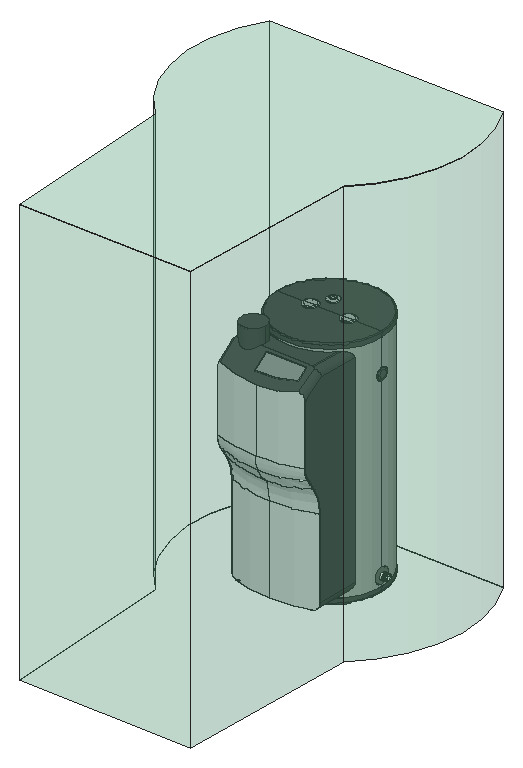
Revit family "Innovo FR_IR 32 285 FR LP", category Mechanical Equipment, Revit 2015
Parameters (values of type "IR-32-285 FR LP")
  largeur d'emballage = 786 mm  # constant formula
  l'Intervalle d'Entretien = "12 mois"  # constant formula
  Workspace Radius = Diameter + 170 mm  # 730 mm
  Workspace Height = Hauteur + 1000 mm  # 2270 mm
  Workspace Front Distance = 1000 mm
  Workspace [instance] = yes
  Valve Height 02 = if(and(Hauteur = 1745 mm, Diameter = 675 mm), 1518 mm, if(and(Hauteur = 1745 mm, Diameter = 610 mm), 1534 mm, if(Hauteur = 1545 mm, 1328 mm, 1070 mm)))  # 1070 mm
  Valve Height 01 = if(and(Diameter > 560 mm), 693 mm, 604 mm)  # 604 mm
  Valeur Maximale du Thermostat de Régulation = 85 °C  # constant formula
  Valeur Manimale du Thermostat de Régulation = 40 °C  # constant formula
  Valeur Défaut du Thermostat de Régulation = 65 °C  # constant formula
  URL = "www.aosmith.fr"
  Type d'Installation = "B23/C13/C33/C43/C53/C63"  # constant formula
  Type d'emballage = "Carton et bois"  # constant formula
  Tension d'Alimentation (-15%, +10%) = 230 V  # constant formula
  Température Maximale des Fumées = 61 °C
  Temps de réchauffement à ΔT = 70°C = "27"
  Temps de réchauffement à ΔT = 55°C = "21"
  Temps de réchauffement à ΔT = 50°C = "19"
  Temps de réchauffement à ΔT = 44°C = "17"
  Temps de réchauffement à ΔT = 28°C = "11"
  Spécifications du Produit = ""
  Réglages du thermostat du chauffe-eau = 65 °C  # constant formula
  Réglage Standard Pour = "G20/G25"
  Rendement Saisonnier (Hs) = [Rendement (Hs, acc. NEN-EN 89 - 1999)]  # 95
  Rendement (Hs, acc. NEN-EN 89 - 1999) = 95
  Rendement (Hi, acc. NEN-EN 89 - 1999) = 106
  Raccord Évacuation de la Condensation = 40 mm  # constant formula
  Raccord de la Soupape de Vidange = 3/4"
  Raccord de Sortie d'Eau Chaude = 3/4"
  Raccord de Gaz = 15"  # constant formula
  Raccord d'Alimentation en Eau Froide = 3/4"  # constant formula
  Raccord Robinet de Vidange = 3/4"  # constant formula
  Puissance Électrique Absorbée (sommet) = 85 W
  Puissance Électrique Absorbée (nominal) = 36 W
  Profondeur d'emballage = 946 mm  # constant formula
  Profondeur = 780 mm  # constant formula
  Profils de soutirage déclaré = "XL"
  Production Nominale = "19100.0/18600.0"
  Pression de Fonctionnement Maximale = 800000.0 Pa  # constant formula
  Pression Différentielle d'Ouverture de l'Interrupteur de Pression < = 115.0 Pa
  Pression Amont de Gaz = "2000/2500 Pa"
  Precaustions during assembling, installation or maintenance = "voir Manuel d'installation, d'emploi er d'entretien"  # constant formula
  Poids à vide = 95 kg
  Poids de Transport = 114 kg
  Phase = 1
  Pertes en Veille - tous les jours (24h) = 0 W
  Pertes en Veille = 0 W
  Nombre de modèle du produit (EAN) = "8717449286033"
  Niveau du Son dB (A) = "<45"  # constant formula
  Niveau de puissance acoustique à l'intérieur = "52 dB"
  NOx-émissions mg/kWh = "30.0/29.0"
  NOx-émissions (ven air, 0% O2) ppm = "19.0/18.0"
  Modèdele = "IR-20-160"
  Model = "IR-20-160 FR NAT"
  Marque commerciale = "A.O. Smith"  # constant formula
  Manufacturer = "A.O. Smith Water Products Company b.v."  # constant formula
  Largeur = Diameter  # 560 mm
  La commande intelligente = no
  L'efficacité énergétique pour le chauffage de l'eau (2) = "-"
  L'efficacité énergétique pour le chauffage de l'eau (1) = "92%"
  Hauteur du Raccordement au Gaz = 860 mm
  Hauteur de la Sortie d'eau Chaude = 1270 mm
  Hauteur de l'Alimentation en eau Froide = 170 mm
  Hauteur d'emballage = 1465 mm
  Hauteur Conduit d'Évacuation des Fumées = 1295 mm
  Hauteur Conduit d'Alimentation en Air = 1295 mm
  Hauteur = 1270 mm
  Guide de Produit = ""
  Garantie sur la Cuve = "36 mois"  # constant formula
  Garantie Pièces = "12 mois"  # constant formula
  Fréquence secteur = 50 Hz  # constant formula
  Forctionner qu'en heures creuses = no
  Fabricant No. = "E 7110"  # constant formula
  Epaisseur d'Isolation = 50 mm
  Débit de vidage à ΔT = 70°C après 90 min. = 410.0 L
  Débit de vidage à ΔT = 70°C après 60 min. = 290.0 L
  Débit de vidage à ΔT = 70°C après 30 min. = 170.0 L
  Débit de vidage à ΔT = 70°C après 120 min. = 520.0 L
  Débit de vidage à ΔT = 55°C après 90 min. = 540.0 L
  Débit de vidage à ΔT = 55°C après 60 min. = 390.0 L
  Débit de vidage à ΔT = 55°C après 30 min. = 240.0 L
  Débit de vidage à ΔT = 55°C après 120 min. = 700.0 L
  Débit de vidage à ΔT = 50°C après 90 min. = 600.0 L
  Débit de vidage à ΔT = 50°C après 60 min. = 440.0 L
  Débit de vidage à ΔT = 50°C après 30 min. = 270.0 L
  Débit de vidage à ΔT = 50°C après 120 min. = 770.0 L
  Débit de vidage à ΔT = 44°C après 90 min. = 690.0 L
  Débit de vidage à ΔT = 44°C après 60 min. = 510.0 L
  Débit de vidage à ΔT = 44°C après 30 min. = 320.0 L
  Débit de vidage à ΔT = 44°C après 120 min. = 880.0 L
  Débit de vidage à ΔT = 28°C après 90 min. = 1200.0 L
  Débit de vidage à ΔT = 28°C après 60 min. = 820.0 L
  Débit de vidage à ΔT = 28°C après 30 min. = 530.0 L
  Débit de vidage à ΔT = 28°C après 120 min. = 1500.0 L
  Débit de vidage en Continu à ΔT = 70°C = 240.0 L/s
  Débit de vidage en Continu à ΔT = 55°C = 300.0 L/s
  Débit de vidage en Continu à ΔT = 50°C = 330.0 L/s
  Débit de vidage en Continu à ΔT = 44°C = 380.0 L/s
  Débit de vidage en Continu à ΔT = 28°C = 590.0 L/s
  Diamètre Cheminée - Système Parallèle = "2x80"  # constant formula
  Diamètre Cheminée - Système Concentrique = "80/125 mm/mm"  # constant formula
  Diamètre Cheminée - Boiler = "80/125 mm/mm"  # constant formula
  Diameter = 560 mm
  Destination / Country = "France"  # constant formula
  Description = "Préparateur ECS Solaire en Combinaison avec Réservoir de Stockage"  # constant formula
  D'autres profils de soutirage = "-"
  Created By = "http://www.cadcompany.nl/"
  Consommation de Gaz - Volume ltr/hr = "1.90/2.20"
  Consommation de Gaz - Masse kg/h = "a/p"
  Class d'efficacité énergétique (2) = "-"
  Class d'efficacité énergétique (1) = "A"  # constant formula
  Charge Nominale (Valeur Supérieure) = "20000.0/19400.0"
  Charge Nominale (Valeur Inférieure) = "18000.0/17500.0"
  Charge Maximale au Sol = 274 kg
  Catégorie de Gaz = "II2Esi3P"  # constant formula
  Capacité = 160.0 L
  CO2 Émissions (tol. +/- 1.0) vol% = "9.3/9.3"
  CE-PIN = "0063CQ3037"  # constant formula
  BIM Content Developer = "CAD & Company"  # constant formula
  Assembly Code = "D3010"
  Annual fuel consumption (2) = "-"
  Annual fuel consumption (1) = "16 GJ GCV"
  Annual electricity consumption (2) = "-"
  Annual electricity consumption (1) = "37 kWh"
  2ème Entretien (Entretien Général) = "12 mois après l'installation"  # constant formula
  1er Entretien (check-up) = "3 mois après l'installation"  # constant formula
Reference planes
  plane 1 "Center (Front/Back)": y = 0
  plane 2: z = 0
  plane 3 "Center (Left/Right)": x = 0
  plane 4 "Pipe": through (-383.901, 912.349, 194.799) normal (-0.0879, -0.0879, 0.9923)
  plane 5 "footing": y = 118.925
  plane 6 "footing front": y = -237.85
  plane 7: x = -280
  plane 8: x = 280
  plane 9: z = 1270
Forms (mm)
  Revolve 1, solid, material "RAL 9005", detail levels medium+fine
    sketch origin (0, -237.85, 0) x (-1, 0, 0) y (0, 0, 1)
      loop
        line (0, 28.9) -> (-15, 28.9) -> (-15, 26.4) -> (-8.671, 26.4) -> (-8.671, 18) -> (-5.686, 18) -> (-6.626, 17.06) -> (-6.626, 12.06) -> (-8.671, 12.06) -> (-8.671, 10) -> (-10.031, 10) -> (-23.271, 5.181)
        arc (-23.271, 5.181) -> (-23.763, 4.836) -> (-24.017, 4.293) r 1.159
        line (-24.017, 4.293) -> (-24.017, 1.03)
        arc (-24.017, 1.03) -> (-23.715, 0.302) -> (-22.986, 0) r 1.03
        line (-22.986, 0) -> (0, 0) -> (0, 28.9)
      axis (0, 28.9) -> (0, 0)
    angle from 0 to 360
  Revolve 2, solid, material "RAL 9005", detail levels medium+fine
    sketch origin (0, 118.925, 0) x (-1, 0, 0) y (0, 0, 1)
      loop
        line (-180.984, 28.9) -> (-195.984, 28.9) -> (-195.984, 26.4) -> (-189.655, 26.4) -> (-189.655, 18) -> (-186.67, 18) -> (-187.61, 17.06) -> (-187.61, 12.06) -> (-189.655, 12.06) -> (-189.655, 10) -> (-191.015, 10) -> (-204.256, 5.181)
        arc (-204.256, 5.181) -> (-204.747, 4.836) -> (-205.001, 4.293) r 1.159
        line (-205.001, 4.293) -> (-205.001, 1.03)
        arc (-205.001, 1.03) -> (-204.699, 0.302) -> (-203.971, 0) r 1.03
        line (-203.971, 0) -> (-180.984, 0) -> (-180.984, 28.9)
      axis (-180.984, 28.9) -> (-180.984, 0)
    angle from 0 to 360
  Revolve 3, solid, material "RAL 9005", detail levels medium+fine
    sketch origin (0, 118.925, 0) x (-1, 0, 0) y (0, 0, 1)
      loop
        line (179.016, 28.9) -> (164.016, 28.9) -> (164.016, 26.4) -> (170.345, 26.4) -> (170.345, 18) -> (173.33, 18) -> (172.39, 17.06) -> (172.39, 12.06) -> (170.345, 12.06) -> (170.345, 10) -> (168.985, 10) -> (155.744, 5.181)
        arc (155.744, 5.181) -> (155.253, 4.836) -> (154.999, 4.293) r 1.159
        line (154.999, 4.293) -> (154.999, 1.03)
        arc (154.999, 1.03) -> (155.301, 0.302) -> (156.029, 0) r 1.03
        line (156.029, 0) -> (179.016, 0) -> (179.016, 28.9)
      axis (179.016, 28.9) -> (179.016, 0)
    angle from 0 to 360
Lines and regions (mm)
  symbolic lines
    curve 1: line (0, 280.06, 0) -> (0, -280.06, 0)
    curve 2: line (-255.06, 0, 0) -> (255.06, 0, 0)
  symbolic lines, style "Workspace"
    curve 3: line (623.261, 380.06, 0) -> (-623.261, 380.06, 0)
    curve 4: arc (-623.261, 380.06, 0) -> (-726.942, -66.745, 0) -> (-543.632, -487.2, 0) r 730
    curve 5: line (-543.632, -487.2, 0) -> (-396.783, -1492.825, 0)
    curve 6: line (-396.783, -1492.825, 0) -> (399.03, -1492.825, 0)
    curve 7: line (399.03, -1492.825, 0) -> (545.76, -484.816, 0)
    curve 8: arc (545.76, -484.816, 0) -> (727.087, -65.154, 0) -> (623.261, 380.06, 0) r 730
Dimensions and locks
  plane 5 "footing" to plane 1 "Center (Front/Back)" = 118.925 mm
  plane 1 "Center (Front/Back)" to plane 6 "footing front" = 237.85 mm
  "Diameter": plane 7 to plane 8
  equal spacing: plane 7, plane 3 "Center (Left/Right)", plane 8
  "Hauteur": plane 9 to plane 2
  "Workspace Front Distance": curve 6 to nested 3
  "Workspace Radius": radius of curve 4
  "Workspace Radius": radius of curve 8
  aligned and locked: level to plane 2
  aligned and locked: nested 3 to Revolve 1 sketch curve
  aligned and locked: plane 3 "Center (Left/Right)" to Revolve 1 sketch curve
  aligned and locked: nested 3 to plane 1 "Center (Front/Back)"
  aligned and locked: plane 3 "Center (Left/Right)" to nested 3
  aligned and locked: nested 1 to plane 8
  aligned and locked: nested 5 to plane 8
  aligned and locked: nested 2 to plane 7
  aligned and locked: nested 4 to plane 7
  aligned and locked: nested 7 to plane 7
  aligned and locked: nested 8 to plane 3 "Center (Left/Right)"
  aligned and locked: nested 8 to nested 3
  aligned and locked: curve 3 to nested 8
Automatic sketch dimensions
  Revolve 1 sketch curve to level = 0 mm
  plane 3 "Center (Left/Right)" to Revolve 1 sketch curve = 5.686 mm
  Revolve 1 sketch curve to Revolve 1 sketch curve = 0.94 mm  (x2)
  Revolve 1 sketch curve to Revolve 1 sketch curve = 2.046 mm  (x2)
  Revolve 1 sketch curve to Revolve 1 sketch curve = 1.359 mm
  Revolve 1 sketch curve to Revolve 1 sketch curve = 6.329 mm
  level to Revolve 1 sketch curve = 4.091 mm
  Revolve 1 sketch curve to Revolve 1 sketch curve = 12.844 mm
  level to Revolve 1 sketch curve = 1.03 mm
  Revolve 1 sketch curve to Revolve 1 sketch curve = 0.111 mm
  level to Revolve 1 sketch curve = 5.181 mm
  Revolve 1 sketch curve to Revolve 1 sketch curve = 0.745 mm
  level to Revolve 1 sketch curve = 10 mm
  Revolve 1 sketch curve to Revolve 1 sketch curve = 2.06 mm
  Revolve 1 sketch curve to Revolve 1 sketch curve = 5 mm
  Revolve 1 sketch curve to Revolve 1 sketch curve = 8.4 mm
  Revolve 1 sketch curve to Revolve 1 sketch curve = 2.5 mm
  Revolve 1 sketch curve to level = 19.635 mm
  Revolve 1 sketch curve to Revolve 1 sketch curve = 46.465 mm
  Revolve 2 sketch curve to level = 0 mm
  level to Revolve 2 sketch curve = 1.03 mm
  Revolve 2 sketch curve to plane 8 = 74.999 mm
  level to Revolve 2 sketch curve = 5.181 mm
  Revolve 2 sketch curve to Revolve 2 sketch curve = 0.745 mm
  Revolve 2 sketch curve to Revolve 2 sketch curve = 0.397 mm
  Revolve 2 sketch curve to Revolve 2 sketch curve = 8.271 mm
  Revolve 2 sketch curve to Revolve 2 sketch curve = 13.241 mm
  Revolve 2 sketch curve to Revolve 2 sketch curve = 1.359 mm
  Revolve 2 sketch curve to Revolve 2 sketch curve = 6.329 mm
  Revolve 2 sketch curve to Revolve 2 sketch curve = 2.046 mm
  level to Revolve 2 sketch curve = 18 mm
  Revolve 2 sketch curve to Revolve 2 sketch curve = 0.94 mm  (x2)
  Revolve 2 sketch curve to Revolve 2 sketch curve = 8.671 mm
  Revolve 2 sketch curve to Revolve 2 sketch curve = 1.089 mm
  Revolve 2 sketch curve to Revolve 2 sketch curve = 8 mm
  Revolve 2 sketch curve to Revolve 2 sketch curve = 2.06 mm
  Revolve 2 sketch curve to Revolve 2 sketch curve = 8.4 mm
  Revolve 2 sketch curve to Revolve 2 sketch curve = 2.5 mm
  Revolve 2 sketch curve to Revolve 2 sketch curve = 0 mm
  Revolve 2 sketch curve to level = 19.635 mm
  Revolve 2 sketch curve to Revolve 2 sketch curve = 46.465 mm
  Revolve 3 sketch curve to level = 0 mm
  level to Revolve 3 sketch curve = 1.03 mm
  Revolve 3 sketch curve to plane 7 = 125.001 mm
  level to Revolve 3 sketch curve = 5.181 mm
  Revolve 3 sketch curve to Revolve 3 sketch curve = 0.745 mm
  Revolve 3 sketch curve to Revolve 3 sketch curve = 0.397 mm
  Revolve 3 sketch curve to Revolve 3 sketch curve = 8.271 mm
  Revolve 3 sketch curve to Revolve 3 sketch curve = 13.241 mm
  Revolve 3 sketch curve to Revolve 3 sketch curve = 1.359 mm
  Revolve 3 sketch curve to Revolve 3 sketch curve = 6.329 mm
  Revolve 3 sketch curve to Revolve 3 sketch curve = 2.046 mm
  level to Revolve 3 sketch curve = 18 mm
  Revolve 3 sketch curve to Revolve 3 sketch curve = 0.94 mm  (x2)
  Revolve 3 sketch curve to Revolve 3 sketch curve = 8.671 mm
  Revolve 3 sketch curve to Revolve 3 sketch curve = 1.089 mm
  Revolve 3 sketch curve to Revolve 3 sketch curve = 8 mm
  Revolve 3 sketch curve to Revolve 3 sketch curve = 2.06 mm
  Revolve 3 sketch curve to Revolve 3 sketch curve = 8.4 mm
  Revolve 3 sketch curve to Revolve 3 sketch curve = 2.5 mm
  Revolve 3 sketch curve to Revolve 3 sketch curve = 0 mm
  Revolve 3 sketch curve to level = 19.635 mm
  Revolve 3 sketch curve to Revolve 3 sketch curve = 46.465 mm
  curve 4 to curve 8 = 0 mm  (x2)
  plane 1 "Center (Front/Back)" to curve 2 = 0 mm
  curve 1 to plane 3 "Center (Left/Right)" = 0 mm
  plane 1 "Center (Front/Back)" to curve 4 = 0 mm
  curve 4 to plane 3 "Center (Left/Right)" = 0 mm
  curve 5 to plane 6 "footing front" = 249.35 mm
  plane 7 to curve 5 = 116.783 mm
  plane 8 to curve 7 = 119.03 mm
  curve 7 to plane 6 "footing front" = 246.966 mm
  curve 2 to plane 7 = 24.94 mm
  curve 2 to plane 8 = 24.94 mm
  curve 1 to plane 6 "footing front" = 42.21 mm
  plane 5 "footing" to curve 1 = 161.135 mm
Nested families
  nested 1: "Valve" at (280, -0.38, 1070) x (0, 1, 0) z (0, 0, 1), built-in parameter 1001364 <- "Valve Height 02", type "Valve"
  nested 2: "Drain Valve" at (-280, 0, 1070), built-in parameter 1001364 <- "Valve Height 02", type "Drain Valve"
  nested 3: "Housing Mother Housing S 57 (external)" at (0, -274.886, 0), type "Housing Mother_Housing S_57"
  nested 4: "Drain Valve" at (-280, 0, 177), type "Drain Valve"
  nested 5: "Drain Valve" at (280, 0, 107) x (-1, 0, 0) z (0, 0, 1), type "Drain Valve"
  nested 6: "Boiler" at (0, 0, 0), height <- "Hauteur", type "Boiler"
    with height 1270 mm
  nested 7: "Drain Valve" at (-280, 0, 604), built-in parameter 1001364 <- "Valve Height 01", type "Drain Valve"
  nested 8: "Innovo_workspace" at (0, 0, 0), Workspace Distance Front <- "Workspace Front Distance", Workspace <- "Workspace", Workspace Height <- "Workspace Height", Workspace Radius <- "Workspace Radius", type "Workspace"
    with Workspace Radius 730 mm, Workspace Height 2270 mm, Workspace Distance Front 1000 mm, Workspace yes, Center to Front 492.825 mm
Connectors
  piping at (314.826, 0, 107), diameter 19.05, driven by "Raccord Robinet de Vidange"
    settings: on nested 5, index 1, connector inside diameter 24", connector length 0 mm, flow factor 0, pipe flow 0.0 L/s, pressure drop 0.0 Pa, fitting loss kfactor 0, connector angle 0.00°, fixture units 0, engagement length 0 mm, angle of deflection 0.00°, flow configuration 0, flow direction 0, fitting loss method 0, system type 19, joint type 0, gender type 0, connector reference index -1, connector utility 0, adjustable connector no, is connector primary yes, connector description ""
  hvac at (-147.013, -321.326, 1310.674)
    settings: on nested 3, index 2, duct flow 0.0 L/s, flow factor 0, pres drop 0.0 Pa, loss coef 0, conn angle 0.00°, conn width 304.8 mm, conn height 304.8 mm, conn diameter 125 mm, duct sys type 4, conn prof type 0, flow config 0, flow direction 0, loss method 0, conn ref index -1, conn util no, is conn primary yes, conn desc ""
Definition of nested family "Valve"
  Parameters (values of type "Valve")
    Type Comments = "T&P valve (internal)"
    Manufacturer = "A.O. Smith"
  Reference planes
    plane 1 "Center (Front/Back)": y = 0
    plane 2: z = 0
    plane 3 "Center (Left/Right)": x = 0
  Forms (mm)
    Extrusion 1, solid, detail levels fine
      sketch origin (0, 0, 0) x (1, 0, 0) y (0, 0, 1)
        loop
          circle (0, 0) r 31.5
      from -2.271 to 1.4
    Sweep 2, solid, detail levels fine
      path origin (0, -1.4, 0) x (1, 0, 0) y (0, 0, 1)
        loop
          circle (0, 0) r 31.5
      profile origin (0, -1.4, 31.5) x (0, 0, -1) y (0, -1, 0)
        loop
          line (7.3, 0) -> (7.3, 3) -> (0, 0) -> (7.3, 0)
  Dimensions and locks
    aligned and locked: level to plane 2
Definition of nested family "Drain Valve"
  Reference planes
    plane 1 "Center (Front/Back)": y = 0
    plane 2: z = 0
    plane 3 "Center (Left/Right)": x = 0
  Forms (mm)
    Revolve 1, solid, detail levels medium+fine
      sketch origin (0, 0, 0) x (1, 0, 0) y (0, 0, 1)
        loop
          line (-33.442, 15.696) -> (-34.826, 14.329) -> (-34.93, 12.731) -> (-16.555, 12.731) -> (-16.555, 0) -> (15.787, 0) -> (15.787, 18.3) -> (-14.4, 18.3) -> (-17.148, 15.533) -> (-18.729, 16.697) -> (-20.091, 15.333) -> (-21.672, 16.496) -> (-23.034, 15.133) -> (-24.614, 16.296) -> (-25.976, 14.932) -> (-27.557, 16.096) -> (-28.919, 14.732) -> (-30.5, 15.896) -> (-31.862, 14.532) -> (-33.442, 15.696)
        axis (-34.93, 0) -> (15.787, 0)
      angle from 0 to 360
  Dimensions and locks
    aligned and locked: level to plane 2
  Nested families
    nested 1: "Rubber sealing" at (2.592, -0.155, 0) x (0.0023, -1, 0) z (0, 0, 1), type "Rubber sealing", detail levels fine
  Definition of nested family "Rubber sealing"
    Reference planes
      plane 1 "Center (Front/Back)": y = 0
      plane 2: z = 0
      plane 3 "Center (Left/Right)": x = 0
    Forms (mm)
      Extrusion 1, solid, detail levels fine
        sketch origin (141.861, 319.581, 0) x (1, 0, 0) y (0, 1, 0)
          loop
            line (-216.354, -311.898) -> (-216.354, -313.94)
            arc (-216.354, -313.94) -> (-141.602, -321.581) -> (-66.861, -313.835) r 366.966
            line (-66.861, -313.835) -> (-66.861, -311.791)
            arc (-66.861, -311.791) -> (-141.602, -319.581) -> (-216.354, -311.898) r 364.966
        from -80 to 80
      Extrusion 2, void
        sketch origin (141.861, 319.581, 0) x (1, 0, 0) y (0, 0, 1)
          loop
            circle (-141.861, 0) r 13
          loop
            circle (-141.861, 0) r 110
          loop
            circle (-141.861, 0) r 40
        from 311.563 to 332.684
      Extrusion 3, void
        sketch origin (141.861, 319.581, 0) x (1, 0, 0) y (0, 0, 1)
          loop
            circle (-141.861, 0) r 18.25
        from 315.524 to 326.084
    Cuts and joins
      Extrusion 2, Extrusion 3 cuts Extrusion 1
    Dimensions and locks
      aligned and locked: level to plane 2
Definition of nested family "Housing Mother Housing S 57 (external)"
  Parameters (values of type "Housing Mother_Housing S_57")
    radius [instance] = 280 mm
    distance to boiler center = if(diameter = 675 mm, 189 mm, if(diameter = 610 mm, 154 mm, 129 mm))  # 129 mm
    diameter = 560 mm
  Reference planes
    plane 1 "Center (Front/Back)": y = 0
    plane 2: z = 0
    plane 3 "Center (Left/Right)": x = 0
    plane 4 "left": through (-245.286, 145.886, 1200) normal (0.9994, 0.0349, 0)
    plane 5: y = -217.939
    plane 6: y = 145.886
    plane 7: z = 1232.6
    plane 8: z = 65.89
    plane 9 "right": through (245.286, 145.886, 1200) normal (0.9994, -0.0349, 0)
    plane 10 "display": through (0, -90.37, 1221.196) normal (0, -0.5736, 0.8192)
    plane 11 "Potentiostat": z = 867.899
    plane 12 "boiler center": y = 274.886
    plane 13: x = -280
    plane 14: x = 280
  Forms (mm)
    Extrusion 1, solid
      sketch origin (0, 0, 0) x (1, 0, 0) y (0, 1, 0)
        loop
          line (-245.286, 145.886) -> (-232.581, -217.939) -> (232.581, -217.939) -> (245.286, 145.886)
          arc (245.286, 145.886) -> (0, 0.923) -> (-245.286, 145.886) r 280
      from 0 to 1232.6
    Sweep 2, void
      path origin (0, 0, 0) x (0, 1, 0) y (0, 0, 1)
        loop
          line (-217.939, 1232.6) -> (-217.939, 795.555)
          arc (-217.939, 795.555) -> (-212.387, 754.285) -> (-197.694, 715.322) r 183.924
          arc (-197.694, 715.322) -> (-179.915, 684.628) -> (-159.106, 655.901) r 348.284
          arc (-159.106, 655.901) -> (-131.411, 600.328) -> (-121.88, 538.973) r 202.254
          line (-121.88, 538.973) -> (-121.88, 61.106)
      profile origin (0, -217.939, 1014.077) x (1, 0, 0) y (0, 1, 0)
        loop
          arc (0, 0) -> (-117.533, 9.941) -> (-231.728, 39.475) r 699.984
          arc (-231.728, 39.475) -> (-233.391, 40.705) -> (-234.07, 42.659) r 3.505
          line (-234.07, 42.659) -> (-254.062, 42.659) -> (-254.062, -142.593) -> (254.07, -142.593) -> (254.07, 42.659) -> (234.07, 42.659)
          arc (234.07, 42.659) -> (233.391, 40.705) -> (231.728, 39.475) r 3.505
          arc (231.728, 39.475) -> (117.533, 9.941) -> (0, 0) r 699.984
    Extrusion 3, void
      sketch origin (0, 0, 0) x (0, 1, 0) y (0, 0, 1)
        loop
          arc (102.864, 70.869) -> (99.804, 70.709) -> (96.874, 69.813) r 12.57
          arc (96.874, 69.813) -> (87.878, 66.533) -> (78.516, 64.529) r 69.114
          arc (78.516, 64.529) -> (76.41, 64.284) -> (74.294, 64.148) r 41.206
          arc (74.294, 64.148) -> (65.203, 64.335) -> (56.122, 64.782) r 318.661
          arc (56.122, 64.782) -> (30.585, 66.179) -> (5.028, 67.128) r 1456.581
          line (5.028, 67.128) -> (-84.534, 73.135)
          arc (-84.534, 73.135) -> (-86.363, 73.808) -> (-87.536, 75.365) r 3.455
          line (-87.536, 75.365) -> (-264.473, 75.365) -> (-264.473, 0) -> (160.886, 0) -> (160.886, 103.945) -> (145.886, 103.945)
          arc (145.886, 103.945) -> (145.104, 97.827) -> (142.923, 92.059) r 26.364
          arc (142.923, 92.059) -> (141.067, 88.936) -> (138.867, 86.045) r 31.715
          arc (138.867, 86.045) -> (135.576, 82.49) -> (132.021, 79.2) r 62.615
          arc (132.021, 79.2) -> (125.841, 74.697) -> (119.091, 71.103) r 54.444
          arc (119.091, 71.103) -> (116.371, 70.272) -> (113.531, 70.123) r 11.669
          line (113.531, 70.123) -> (102.864, 70.869)
      from -254.062 to 254.07
    Sweep 4, void
      path origin (0, 0, 0) x (1, 0, 0) y (0, 1, 0)
        loop
          line (-245.286, 145.886) -> (-232.581, -217.939)
      profile origin (-238.933, -36.027, 0) x (0.999391, 0.034899, 0) y (0, 0, 1)
        loop
          line (-4.454, 0) -> (47.084, 0) -> (47.084, 73.431)
          arc (47.084, 73.431) -> (14.222, 85.134) -> (0.255, 117.1) r 43.922
          line (0.255, 117.1) -> (-4.454, 117.1) -> (-4.454, 0)
    Sweep 5, void
      path origin (0, 0, 0) x (-1, 0, 0) y (0, 1, 0)
        loop
          line (-245.286, 145.886) -> (-232.581, -217.939)
      profile origin (238.933, -36.027, 0) x (0.999391, -0.034899, 0) y (0, 0, 1)
        loop
          line (4.454, 0) -> (4.454, 117.1) -> (-0.255, 117.1)
          arc (-0.255, 117.1) -> (-14.222, 85.134) -> (-47.084, 73.431) r 43.922
          line (-47.084, 73.431) -> (-47.084, 0) -> (4.454, 0)
    Sweep 6, void
      path origin (-239.899, -8.377, 0) x (-0.034899, 0.999391, 0) y (0, 0, 1)
        loop
          line (-209.69, 1141.272) -> (-79.18, 1232.6) -> (154.358, 1232.6)
      profile origin (-241.211, 29.188, 1232.6) x (0, 0, 1) y (0.999391, 0.034899, 0)
        loop
          line (-45, -30) -> (75, -30) -> (75, 0) -> (75, 55) -> (2.799, 55) -> (-1.253, 35.128)
          arc (-1.253, 35.128) -> (-16.771, 9.564) -> (-45, -0.308) r 44.287
          line (-45, -0.308) -> (-45, -30)
    Sweep 7, void
      path origin (239.899, -8.377, 0) x (0.034899, 0.999391, 0) y (0, 0, 1)
        loop
          line (-209.69, 1141.272) -> (-79.18, 1232.6) -> (154.358, 1232.6)
      profile origin (241.211, 29.188, 1232.6) x (0, 0, -1) y (-0.999391, 0.034899, 0)
        loop
          line (-75, -25) -> (45, -25) -> (45, -0.308)
          arc (45, -0.308) -> (16.771, 9.564) -> (1.253, 35.128) r 44.287
          line (1.253, 35.128) -> (-2.799, 55) -> (-75, 55) -> (-75, -25)
    Extrusion 8, void
      sketch origin (0, 0, 0) x (0, 1, 0) y (0, 0, 1)
        loop
          line (-270, 1336.099) -> (-270, 1099.081) -> (68.497, 1336.099) -> (-270, 1336.099)
      from -425.038 to 444.42
    Extrusion 9, solid, detail levels medium+fine
      sketch origin (0, 0, 0) x (1, 0, 0) y (0, 1, 0)
        loop
          circle (-147.013, -46.44) r 65
      from 1163.174 to 1310.674
    Extrusion 10, void
      sketch origin (0, -603.506, 861.895) x (0, 0.819152, 0.573576) y (-1, 0, 0)
        loop
          arc (618.322, -173) -> (623.272, -170.95) -> (625.322, -166) r 7
          line (625.322, -166) -> (625.322, 35)
          arc (625.322, 35) -> (623.272, 39.95) -> (618.322, 42) r 7
          line (618.322, 42) -> (535.473, 42)
          arc (535.473, 42) -> (530.688, 40.11) -> (528.488, 35.46) r 7
          arc (528.488, 35.46) -> (531.569, -67.592) -> (554.18, -168.18) r 540
          arc (554.18, -168.18) -> (556.724, -171.668) -> (560.831, -173) r 7
          line (560.831, -173) -> (618.322, -173)
      from 0 to 137.286
    Sweep 11, solid, detail levels fine
      path origin (0, 0, 867.899) x (-1, 0, 0) y (0, -1, 0)
        loop
          line (309.749, -35.617) -> (204.371, -35.617)
          arc (204.371, -35.617) -> (196.509, -34.687) -> (189.082, -31.947) r 33.677
          line (189.082, -31.947) -> (-9.574, 69.274)
      profile origin (-257.06, 35.617, 867.899) x (0, 1, 0) y (0, 0, 1)
        loop
          circle (0, 0) r 7.316
        loop
          circle (0, 0) r 6.465
    Revolve 12, void
      sketch origin (0, 274.886, 0) x (-1, 0, 0) y (0, 0, 1)
        loop
          line (280, 1243.838) -> (0, 1243.838) -> (0, 54.9) -> (280, 54.9) -> (280, 1243.838)
        axis (0, 1243.838) -> (0, 54.9)
      angle from 0 to 360
  Cuts and joins
    Sweep 2, Extrusion 3, Sweep 4, Sweep 5, Sweep 6, Sweep 7, Extrusion 8, Extrusion 10, Revolve 12 cuts Extrusion 1
  Dimensions and locks
    plane 8 to plane 2 = 65.89 mm
    plane 7 to plane 8 = 1166.71 mm
    "distance to boiler center": plane 12 "boiler center" to plane 6
    "diameter": plane 14 to plane 13
    equal spacing: plane 14, plane 3 "Center (Left/Right)", plane 13
    "radius": plane 3 "Center (Left/Right)" to plane 13
    aligned and locked: level to plane 2
    aligned and locked: Extrusion 1 to plane 7
    aligned and locked: Extrusion 1 sketch curve to plane 5
    aligned and locked: Sweep 2 to Extrusion 3
    aligned and locked: Extrusion 3 to Sweep 2  (x2)
    aligned and locked: plane 7 to Sweep 2 sketch curve
    aligned and locked: plane 3 "Center (Left/Right)" to Revolve 12 sketch curve
    aligned and locked: Revolve 12 sketch curve to plane 3 "Center (Left/Right)"
    aligned and locked: plane 13 to Revolve 12 sketch curve
  Automatic sketch dimensions
    Extrusion 1 sketch curve to plane 4 "left" = 0 mm  (x2)
    Extrusion 1 sketch curve to plane 6 = 0 mm  (x2)
    Extrusion 1 sketch curve to plane 3 "Center (Left/Right)" = 0 mm
    Extrusion 1 sketch curve to plane 9 "right" = 0 mm
    plane 6 to Extrusion 1 sketch curve = 135.037 mm
    Sweep 2 sketch curve to plane 5 = 0 mm
    plane 5 to Sweep 2 sketch curve = 106.195 mm
    Sweep 2 sketch curve to plane 5 = 96.059 mm
    plane 1 "Center (Front/Back)" to Sweep 2 sketch curve = 34.053 mm
    plane 11 "Potentiostat" to Sweep 2 sketch curve = 6.417 mm
    Sweep 2 sketch curve to plane 6 = 33.705 mm
    Sweep 2 sketch curve to plane 11 "Potentiostat" = 68.615 mm
    Sweep 2 sketch curve to plane 11 "Potentiostat" = 72.345 mm
    Sweep 2 sketch curve to Sweep 2 sketch curve = 176.349 mm
    Sweep 2 sketch curve to Sweep 2 sketch curve = 0 mm  (x2)
    plane 8 to Sweep 2 sketch curve = 4.784 mm
    Extrusion 3 sketch curve to level = 0 mm
    Extrusion 3 sketch curve to plane 6 = 0 mm
    Extrusion 3 sketch curve to plane 6 = 26.363 mm
    Extrusion 3 sketch curve to Extrusion 3 sketch curve = 4.75 mm
    Extrusion 3 sketch curve to Extrusion 3 sketch curve = 5.179 mm
    Extrusion 3 sketch curve to plane 8 = 4.232 mm
    Extrusion 3 sketch curve to Extrusion 3 sketch curve = 0.814 mm
    Extrusion 3 sketch curve to plane 8 = 4.978 mm
    Extrusion 3 sketch curve to Extrusion 3 sketch curve = 10.667 mm
    Extrusion 3 sketch curve to Extrusion 3 sketch curve = 0.877 mm
    Extrusion 3 sketch curve to Extrusion 3 sketch curve = 17.827 mm
    Extrusion 3 sketch curve to Extrusion 3 sketch curve = 5.646 mm
    Extrusion 3 sketch curve to plane 6 = 69.562 mm
    Extrusion 3 sketch curve to Extrusion 3 sketch curve = 18.6 mm
    Extrusion 3 sketch curve to Extrusion 3 sketch curve = 22.538 mm
    Extrusion 3 sketch curve to plane 8 = 1.238 mm
    Extrusion 3 sketch curve to plane 1 "Center (Front/Back)" = 5.028 mm
    plane 1 "Center (Front/Back)" to Extrusion 3 sketch curve = 36.224 mm
    Extrusion 3 sketch curve to plane 8 = 10.692 mm
    plane 1 "Center (Front/Back)" to Extrusion 3 sketch curve = 84.302 mm
    Extrusion 3 sketch curve to plane 8 = 7.244 mm
    Extrusion 3 sketch curve to Extrusion 3 sketch curve = 0.231 mm
    Extrusion 3 sketch curve to Extrusion 3 sketch curve = 3.234 mm
    plane 5 to Extrusion 3 sketch curve = 46.534 mm
    plane 6 to Extrusion 3 sketch curve = 15 mm
    Extrusion 3 sketch curve to level = 1388.869 mm
    plane 8 to Extrusion 3 sketch curve = 7.561 mm
    Extrusion 3 sketch curve to Extrusion 3 sketch curve = 11.64 mm
    Extrusion 3 sketch curve to plane 8 = 38.054 mm
    Extrusion 3 sketch curve to Extrusion 3 sketch curve = 22.442 mm
    Extrusion 3 sketch curve to plane 8 = 39.432 mm
    Extrusion 3 sketch curve to Extrusion 3 sketch curve = 2.466 mm
    Extrusion 3 sketch curve to Extrusion 3 sketch curve = 14.17 mm
    Extrusion 3 sketch curve to Extrusion 3 sketch curve = 5.925 mm
    Extrusion 3 sketch curve to Extrusion 3 sketch curve = 6.186 mm
    Extrusion 3 sketch curve to Extrusion 3 sketch curve = 249.85 mm
    Extrusion 3 sketch curve to Extrusion 3 sketch curve = 0 mm  (x4)
    Extrusion 3 sketch curve to Extrusion 3 sketch curve = 6.845 mm
    plane 8 to Extrusion 3 sketch curve = 1.743 mm
    Sweep 4 sketch curve to plane 4 "left" = 0 mm  (x2)
    Sweep 4 sketch curve to plane 6 = 0 mm
    plane 5 to Sweep 4 sketch curve = 0 mm
    Sweep 4 sketch curve to level = 0 mm
    profile plane to Sweep 4 sketch curve = 4.454 mm
    Sweep 4 sketch curve to profile plane = 0.255 mm
    Sweep 4 sketch curve to Sweep 4 sketch curve = 43.922 mm
    Sweep 4 sketch curve to profile plane = 47.084 mm
    level to Sweep 4 sketch curve = 73.431 mm
    Sweep 4 sketch curve to Sweep 4 sketch curve = 43.669 mm
    Sweep 5 sketch curve to plane 6 = 0 mm
    Sweep 5 sketch curve to plane 9 "right" = 0 mm  (x2)
    plane 5 to Sweep 5 sketch curve = 0 mm
    Sweep 5 sketch curve to level = 0 mm
    profile plane to Sweep 5 sketch curve = 47.084 mm
    Sweep 5 sketch curve to Sweep 5 sketch curve = 2.907 mm
    profile plane to Sweep 5 sketch curve = 0.255 mm
    Sweep 5 sketch curve to profile plane = 4.454 mm
    level to Sweep 5 sketch curve = 73.431 mm
    Sweep 5 sketch curve to Sweep 5 sketch curve = 43.669 mm
    Sweep 6 sketch curve to plane 7 = 0 mm
    plane 7 to Sweep 6 sketch curve = 91.328 mm
    Sweep 6 sketch curve to Sweep 6 sketch curve = 130.509 mm
    Sweep 6 sketch curve to Sweep 6 sketch curve = 233.538 mm
    Sweep 6 sketch curve to plane 4 "left" = 0 mm
    profile plane to Sweep 6 sketch curve = 45 mm
    Sweep 6 sketch curve to Sweep 6 sketch curve = 0.354 mm
    profile plane to Sweep 6 sketch curve = 1.253 mm
    Sweep 6 sketch curve to profile plane = 2.799 mm
    Sweep 6 sketch curve to Sweep 6 sketch curve = 72.201 mm
    Sweep 6 sketch curve to plane 4 "left" = 0.308 mm
    Sweep 6 sketch curve to Sweep 6 sketch curve = 29.692 mm
    plane 4 "left" to Sweep 6 sketch curve = 35.128 mm
    plane 4 "left" to Sweep 6 sketch curve = 55 mm
    Sweep 7 sketch curve to plane 7 = 0 mm
    Sweep 7 sketch curve to plane 7 = 91.328 mm
    Sweep 7 sketch curve to Sweep 7 sketch curve = 130.509 mm
    Sweep 7 sketch curve to Sweep 7 sketch curve = 233.538 mm
    Sweep 7 sketch curve to plane 9 "right" = 25 mm
    profile plane to Sweep 7 sketch curve = 75 mm
    profile plane to Sweep 7 sketch curve = 2.799 mm
    Sweep 7 sketch curve to profile plane = 1.253 mm
    Sweep 7 sketch curve to Sweep 7 sketch curve = 43.393 mm
    Sweep 7 sketch curve to profile plane = 45 mm
    Sweep 7 sketch curve to plane 9 "right" = 0.308 mm
    plane 9 "right" to Sweep 7 sketch curve = 35.128 mm
    Sweep 7 sketch curve to Sweep 7 sketch curve = 19.872 mm
    plane 5 to Extrusion 8 sketch curve = 52.061 mm
    Extrusion 8 sketch curve to plane 1 "Center (Front/Back)" = 68.497 mm
    plane 7 to Extrusion 8 sketch curve = 133.519 mm
    Extrusion 8 sketch curve to plane 7 = 103.499 mm
    plane 1 "Center (Front/Back)" to Extrusion 9 sketch curve = 46.44 mm
    Extrusion 9 sketch curve to plane 3 "Center (Left/Right)" = 147.013 mm
    Extrusion 10 sketch curve to plane 3 "Center (Left/Right)" = 0 mm
    Extrusion 10 sketch curve to plane 3 "Center (Left/Right)" = 35 mm
    Extrusion 10 sketch curve to Extrusion 10 sketch curve = 25.359 mm
    Extrusion 10 sketch curve to Extrusion 10 sketch curve = 57.491 mm
    Extrusion 10 sketch curve to plane 3 "Center (Left/Right)" = 42 mm
    Extrusion 10 sketch curve to Extrusion 10 sketch curve = 82.85 mm
    Extrusion 10 sketch curve to Extrusion 10 sketch curve = 7 mm
    Extrusion 10 sketch curve to Extrusion 10 sketch curve = 442 mm
    plane 3 "Center (Left/Right)" to Extrusion 10 sketch curve = 166 mm
    Extrusion 10 sketch curve to Extrusion 10 sketch curve = 0 mm  (x2)
    Sweep 11 sketch curve to plane 1 "Center (Front/Back)" = 31.947 mm
    Sweep 11 sketch curve to plane 3 "Center (Left/Right)" = 189.082 mm
    Sweep 11 sketch curve to plane 1 "Center (Front/Back)" = 1.94 mm
    Sweep 11 sketch curve to Sweep 11 sketch curve = 15.289 mm
    plane 3 "Center (Left/Right)" to Sweep 11 sketch curve = 9.574 mm
    Sweep 11 sketch curve to Sweep 11 sketch curve = 105.378 mm
    plane 1 "Center (Front/Back)" to Sweep 11 sketch curve = 69.274 mm
    Sweep 11 sketch curve to Sweep 11 sketch curve = 0 mm  (x2)
    Sweep 11 sketch curve to plane 11 "Potentiostat" = 0 mm
    Sweep 11 sketch curve to profile plane = 0 mm
    plane 8 to Revolve 12 sketch curve = 10.99 mm
    Revolve 12 sketch curve to plane 7 = 11.238 mm
    Revolve 12 sketch curve to level = 366.045 mm
    Revolve 12 sketch curve to Revolve 12 sketch curve = 971.917 mm
    Sweep 2 sketch curve to plane 3 "Center (Left/Right)" = 0 mm
    profile plane to Sweep 2 sketch curve = 0 mm
    Sweep 2 sketch curve to plane 3 "Center (Left/Right)" = 0.016 mm
    Sweep 2 sketch curve to profile plane = 42.782 mm  (x2)
    Sweep 2 sketch curve to plane 3 "Center (Left/Right)" = 230.568 mm
    plane 3 "Center (Left/Right)" to Sweep 2 sketch curve = 0.016 mm
    plane 3 "Center (Left/Right)" to Sweep 2 sketch curve = 230.568 mm
    Sweep 2 sketch curve to Sweep 2 sketch curve = 3.502 mm  (x2)
    Sweep 2 sketch curve to Sweep 2 sketch curve = 20 mm
    profile plane to Sweep 2 sketch curve = 142.593 mm
    Sweep 2 sketch curve to Sweep 2 sketch curve = 0.122 mm  (x2)
    Sweep 2 sketch curve to Sweep 2 sketch curve = 657.203 mm
    Sweep 2 sketch curve to Sweep 2 sketch curve = 19.991 mm
    radius of Extrusion 9 sketch curve = 65 mm
    radius of Sweep 11 sketch curve = 7.316 mm
    radius of Sweep 11 sketch curve = 6.465 mm
  Nested families
    nested 1: "display" at (65.5, -130.939, 1192.79) x (-1, 0, 0) z (0, -0.5736, 0.8192), type "display"
  Definition of nested family "display"
    Parameters (values of type "display")
      Default Elevation = 1219.2 mm
    Reference planes
      plane 1 "Center (Front/Back)": y = 0
      plane 2: z = 0
      plane 3 "Center (Left/Right)": x = 0
    Forms (mm)
      Extrusion 1, solid, detail levels medium+fine
        sketch origin (-16.958, 11.842, -343.878) x (1, 0, 0) y (0, 0, -1)
          loop
            line (-233.523, -343.878) -> (-233.523, -346.592) -> (332.686, -346.592) -> (332.686, -343.878) -> (-233.523, -343.878)
        from -228.7 to 150.822
      Extrusion 2, void
        sketch origin (-16.958, 6.842, -343.878) x (1, 0, 0) y (0, 1, 0)
          loop
            line (-233.523, 155.822) -> (-233.523, -223.7) -> (332.686, -223.7) -> (332.686, 155.822) -> (-233.523, 155.822)
          loop
            arc (-90.542, -48.267) -> (-88.492, -53.216) -> (-83.542, -55.267) r 7
            line (-83.542, -55.267) -> (117.458, -55.267)
            arc (117.458, -55.267) -> (122.408, -53.216) -> (124.458, -48.267) r 7
            line (124.458, -48.267) -> (124.458, 34.583)
            arc (124.458, 34.583) -> (122.568, 39.368) -> (117.918, 41.568) r 7
            arc (117.918, 41.568) -> (14.866, 38.487) -> (-85.722, 15.876) r 540
            arc (-85.722, 15.876) -> (-89.21, 13.332) -> (-90.542, 9.224) r 7
            line (-90.542, 9.224) -> (-90.542, -48.267)
        from 328.878 to 363.083
    Cuts and joins
      Extrusion 2 cuts Extrusion 1
    Dimensions and locks
      aligned and locked: level to plane 2
Definition of nested family "Boiler"
  Parameters (values of type "Boiler")
    radius [instance] = 280 mm
    height [instance] = 1270 mm
    Diameter = 560 mm
  Reference planes
    plane 1 "Center (Front/Back)": y = 0
    plane 2: z = 0
    plane 3 "Center (Left/Right)": x = 0
    plane 4: z = 1243.838
    plane 5: z = 1270
    plane 6 "bottom": z = 28.9
    plane 7: z = 54.9
    plane 8 "top controle": y = 88
    plane 9: x = -280
    plane 10: x = 280
  Forms (mm)
    Revolve 1, solid
      sketch origin (0, 0, 0) x (1, 0, 0) y (0, 0, 1)
        loop
          line (0, 54.9) -> (-280, 54.9) -> (-280, 32.9)
          arc (-280, 32.9) -> (-278.828, 30.072) -> (-276, 28.9) r 4
          line (-276, 28.9) -> (0, 28.9) -> (0, 54.9)
        axis (0, 28.9) -> (0, 54.9)
      angle from 0 to 360
    Revolve 2, solid
      sketch origin (1.311, 0, 0) x (1, 0, 0) y (0, 0, 1)
        loop
          line (-278.86, 1243.838) -> (-278.86, 54.9) -> (-1.311, 54.9) -> (-1.311, 1243.838) -> (-278.86, 1243.838)
        axis (-1.311, 1243.838) -> (-1.311, 54.9)
      angle from 0 to 360
    Revolve 3, solid
      sketch origin (-9.205, 0, 377.212) x (-1, 0, 0) y (0, 0, 1)
        loop
          line (-148.904, 892.788) -> (-110.805, 892.788) -> (-110.805, 895.963) -> (-141.883, 895.963) -> (-148.904, 893.62) -> (-148.904, 892.788)
        axis (-110.805, 892.788) -> (-110.805, 895.963)
      angle from 0 to 360
    Revolve 4, solid
      sketch origin (0, 0, 718.065) x (1, 0, 0) y (0, 0, -1)
        loop
          line (0, -525.773) -> (-280, -525.773) -> (-280, -547.935)
          arc (-280, -547.935) -> (-278.828, -550.763) -> (-276, -551.935) r 4
          line (-276, -551.935) -> (0, -551.935) -> (0, -525.773)
        axis (0, -551.935) -> (0, -525.773)
      angle from 0 to 360
    Revolve 5, solid
      sketch origin (0, 88, 0) x (1, 0, 0) y (0, 0, 1)
        loop
          line (-19.051, 1270) -> (-19.051, 1271.074) -> (-32.63, 1275.604) -> (-32.63, 1271.117) -> (-37.266, 1271.117) -> (-38.383, 1270) -> (-19.051, 1270)
        axis (-50.8, 1270) -> (-50.8, 1275.604)
      angle from 0 to 360
    Revolve 6, solid
      sketch origin (-217.12, 0, 372.245) x (-1, 0, 0) y (0, 0, 1)
        loop
          line (-153.622, 897.755) -> (-115.52, 897.755) -> (-115.52, 900.93) -> (-146.626, 900.93) -> (-153.622, 898.596) -> (-153.622, 897.755)
        axis (-115.52, 897.755) -> (-115.52, 900.93)
      angle from 0 to 360
  Dimensions and locks
    "height": plane 5 to plane 2
    plane 6 "bottom" to plane 2 = 28.9 mm
    locked: plane 5 to plane 4 at 26.162
    locked: plane 1 "Center (Front/Back)" to plane 8 "top controle" at 88
    "Diameter": plane 10 to plane 9
    equal spacing: plane 10, plane 3 "Center (Left/Right)", plane 9
    "radius": plane 3 "Center (Left/Right)" to plane 9
    locked: plane 9 to Revolve 2 sketch curve at 2.452
    aligned and locked: level to plane 2
    aligned and locked: Revolve 2 sketch curve to plane 7
    aligned and locked: Revolve 2 sketch curve to plane 4
    aligned and locked: Revolve 1 sketch curve to plane 7
    aligned and locked: plane 6 "bottom" to Revolve 1 sketch curve
    aligned and locked: Revolve 4 sketch curve to plane 3 "Center (Left/Right)"
    aligned and locked: plane 5 to Revolve 4 sketch curve
    aligned and locked: Revolve 4 sketch curve to plane 4
    aligned and locked: plane 9 to Revolve 4 sketch curve
    aligned and locked: Revolve 1 sketch curve to plane 9
    aligned and locked: Revolve 2 sketch curve to plane 3 "Center (Left/Right)"
    aligned and locked: plane 3 "Center (Left/Right)" to Revolve 2 sketch curve
  Automatic sketch dimensions
    Revolve 1 sketch curve to plane 3 "Center (Left/Right)" = 0 mm  (x2)
    Revolve 1 sketch curve to Revolve 1 sketch curve = 4 mm
    Revolve 1 sketch curve to level = 40 mm
    Revolve 1 sketch curve to Revolve 1 sketch curve = 305.1 mm
    Revolve 2 sketch curve to level = 366.045 mm
    Revolve 2 sketch curve to plane 5 = 945.755 mm
    Revolve 3 sketch curve to plane 5 = 0 mm
    Revolve 3 sketch curve to plane 3 "Center (Left/Right)" = 139.699 mm
    plane 5 to Revolve 3 sketch curve = 3.175 mm
    Revolve 3 sketch curve to Revolve 3 sketch curve = 7.022 mm
    Revolve 3 sketch curve to Revolve 3 sketch curve = 31.078 mm
    Revolve 3 sketch curve to Revolve 3 sketch curve = 0.832 mm
    Revolve 3 sketch curve to Revolve 3 sketch curve = 0 mm
    Revolve 3 sketch curve to Revolve 3 sketch curve = 2.338 mm
    Revolve 3 sketch curve to Revolve 3 sketch curve = 4.487 mm
    Revolve 4 sketch curve to plane 3 "Center (Left/Right)" = 0 mm
    Revolve 4 sketch curve to Revolve 4 sketch curve = 4 mm
    Revolve 4 sketch curve to Revolve 4 sketch curve = 68.738 mm
    Revolve 4 sketch curve to Revolve 4 sketch curve = 305.1 mm
    Revolve 6 sketch curve to plane 5 = 0 mm
    plane 3 "Center (Left/Right)" to Revolve 6 sketch curve = 63.497 mm
    plane 5 to Revolve 6 sketch curve = 3.175 mm
    Revolve 6 sketch curve to Revolve 6 sketch curve = 6.997 mm
    Revolve 6 sketch curve to Revolve 6 sketch curve = 31.106 mm
    Revolve 6 sketch curve to Revolve 6 sketch curve = 0.84 mm
    Revolve 6 sketch curve to Revolve 6 sketch curve = 0 mm
    Revolve 6 sketch curve to Revolve 6 sketch curve = 7.216 mm
    Revolve 6 sketch curve to Revolve 6 sketch curve = 0.391 mm
    Revolve 5 sketch curve to Revolve 5 sketch curve = 13.578 mm
    Revolve 5 sketch curve to Revolve 5 sketch curve = 1.074 mm
    Revolve 5 sketch curve to Revolve 5 sketch curve = 12.417 mm
    Revolve 5 sketch curve to Revolve 5 sketch curve = 5.753 mm
    Revolve 5 sketch curve to plane 5 = 1.117 mm
    Revolve 5 sketch curve to Revolve 5 sketch curve = 1.117 mm
    plane 5 to Revolve 5 sketch curve = 4.396 mm
    Revolve 5 sketch curve to plane 5 = 0 mm
    Revolve 5 sketch curve to Revolve 5 sketch curve = 4.487 mm
    Revolve 5 sketch curve to plane 3 "Center (Left/Right)" = 38.383 mm
    Revolve 5 sketch curve to plane 5 = 5.604 mm
Definition of nested family "Innovo_workspace"
  Parameters (values of type "Workspace")
    Workspace Radius [instance] = 730 mm
    Workspace Height [instance] = 2270 mm
    Workspace Distance Front [instance] = 1000 mm
    Workspace [instance] = yes
    URL = "www.aosmith.nl"
    Model = ""
    Manufacturer = "A.O. Smith Water Products Company b.v."  # constant formula
    Description = ""
    Created By = ""
    Center to Front [instance] = 492.825 mm
    BIM Content Developer = "CAD & Company"  # constant formula
    Assembly Code = ""
  Reference planes
    plane 1 "Center (Front/Back)": y = 0
    plane 2: z = 0
    plane 3 "Center (Left/Right)": x = 0
    plane 4 "Pipe": through (-383.901, 912.349, 194.799) normal (-0.0879, -0.0879, 0.9923)
    plane 5 "front": y = -492.825
  Forms (mm)
    Extrusion 1, solid, visible <- "Workspace"
      sketch origin (0, 0, 0) x (1, 0, 0) y (0, 1, 0)
        loop
          line (456.53, -1492.825) -> (500.201, -531.695)
          arc (500.201, -531.695) -> (723.44, -97.643) -> (623.261, 380.06) r 730
          line (623.261, 380.06) -> (-623.261, 380.06)
          arc (-623.261, 380.06) -> (-723.227, -99.209) -> (-497.893, -533.856) r 730
          line (-497.893, -533.856) -> (-454.283, -1492.825) -> (456.53, -1492.825)
      from 0 to 2270 <- "Workspace Height"
  Lines and regions (mm)
    symbolic lines
      curve 1: line (0, 280.06, 0) -> (0, -280.06, 0)
      curve 2: line (-255.06, 0, 0) -> (255.06, 0, 0)
  Dimensions and locks
    locked: Extrusion 1 sketch curve to curve 1 at 100
    "Workspace Distance Front": plane 5 "front" to Extrusion 1
    "Center to Front": plane 1 "Center (Front/Back)" to plane 5 "front"
    "Workspace Radius": radius of Extrusion 1 sketch curve  (x2)
    aligned and locked: level to plane 2
  Automatic sketch dimensions
    plane 1 "Center (Front/Back)" to curve 2 = 0 mm
    curve 1 to plane 3 "Center (Left/Right)" = 0 mm
    plane 3 "Center (Left/Right)" to curve 2 = 255.06 mm
    curve 1 to plane 1 "Center (Front/Back)" = 280.06 mm
    curve 2 to plane 3 "Center (Left/Right)" = 255.06 mm
    plane 5 "front" to curve 1 = 212.765 mm
    Extrusion 1 sketch curve to Extrusion 1 sketch curve = 0 mm  (x2)
    plane 1 "Center (Front/Back)" to Extrusion 1 sketch curve = 0 mm
    Extrusion 1 sketch curve to plane 3 "Center (Left/Right)" = 0 mm
    Extrusion 1 sketch curve to plane 5 "front" = 41.031 mm
    Extrusion 1 sketch curve to plane 3 "Center (Left/Right)" = 454.283 mm
    plane 3 "Center (Left/Right)" to Extrusion 1 sketch curve = 456.53 mm
    Extrusion 1 sketch curve to plane 5 "front" = 38.869 mm
    Extrusion 1 sketch curve to Extrusion 1 sketch curve = 961.131 mm
